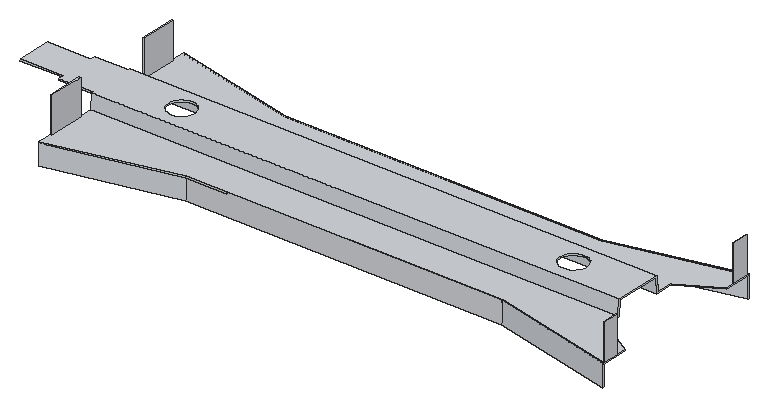
Revit family "BuckleBridge (R)", category Structural Connections, Revit 2026
Family settings
  Material for Model Behavior = Other
  Work Plane-Based = No
  Enable Cutting in Views = No
  Always vertical = No
  Cut with Voids When Loaded = No
  Shared = No
Parameters
  Version = "2.0"
  URL = "http://www.steelnetwork.com/product.aspx/BuckleBridge"
  Manufacturer = "The Steel Network, Inc."
Reference planes (in)
  plane 1 "Center (Front/Back)": y = 0
  plane 2: z = 0
  plane 3 "Center (Left/Right)": x = 0
  plane 4: z = -1.02095
Forms (in)
  Extrusion 1, solid
    sketch origin (0, 0, 0) x (0, 1, 0) y (0, 0, 1)
      loop
        line (2.57323, -0.40844) -> (0.70023, -0.40844) -> (0.6645, 0) -> (-0.6645, 0) -> (-0.70023, -0.40844) -> (-2.57323, -0.40844) -> (-2.6277, -1.03096) -> (-2.5931, -1.03096) -> (-2.54166, -0.44304) -> (-0.66866, -0.44304) -> (-0.63296, -0.035) -> (0.63296, -0.035) -> (0.66866, -0.44304) -> (2.54166, -0.44304) -> (2.5931, -1.03096) -> (2.6277, -1.03096) -> (2.57323, -0.40844)
    from -9 to 9
  Extrusion 2, void
    sketch origin (0, 0, 0) x (0, 1, 0) y (0, 0, -1)
      loop
        line (0.6299, 0) -> (2.5375, 0) -> (2.6277, 1.03096) -> (0.7201, 1.03096) -> (0.6299, 0)
      loop
        line (-0.6299, 0) -> (-0.7201, 1.03096) -> (-2.6277, 1.03096) -> (-2.5375, 0) -> (-0.6299, 0)
    from 6.8356 to 9
  Extrusion 3, void
    sketch origin (0, 0, 0) x (1, 0, 0) y (0, 1, 0)
      loop
        line (-9, 0.4783) -> (-7.805, 0.4783) -> (-7.805, 0.70023) -> (-9, 0.70023) -> (-9, 0.4783)
    from -0.51033 to 0
  Extrusion 4, void
    sketch origin (0, 0, 0) x (1, 0, 0) y (0, 1, 0)
      loop
        line (-9, -0.4783) -> (-9, -0.70023) -> (-7.805, -0.70023) -> (-7.805, -0.4783) -> (-9, -0.4783)
    from -0.51033 to 0
  Extrusion 5, void
    sketch origin (0, 0, 0) x (1, 0, 0) y (0, 1, 0)
      loop
        line (-6.8356, 2.54166) -> (-3.35739, 1.73865) -> (5.52179, 1.73865) -> (9, 2.54166) -> (9, 2.6277) -> (-6.8356, 2.6277) -> (-6.8356, 2.54166)
      loop
        line (-6.8356, -2.54166) -> (-6.8356, -2.6277) -> (9, -2.6277) -> (9, -2.54166) -> (5.52179, -1.73865) -> (-3.35739, -1.73865) -> (-6.8356, -2.54166)
    from -1.80653 to 0
  Extrusion 6, solid
    sketch origin (0, 0, 0) x (1, 0, 0) y (0, 1, 0)
      loop
        line (-6.8356, -2.54166) -> (-3.35739, -1.73865) -> (5.52179, -1.73865) -> (9, -2.54166) -> (9, -2.50706) -> (5.51824, -1.70323) -> (-3.35384, -1.70323) -> (-6.8356, -2.50706) -> (-6.8356, -2.54166)
    from -1.02095 to -0.40844
  Extrusion 7, solid
    sketch origin (0, 0, 0) x (1, 0, 0) y (0, 1, 0)
      loop
        line (-6.8356, 2.54166) -> (-6.8356, 2.50706) -> (-3.35384, 1.70323) -> (5.51824, 1.70323) -> (9, 2.50706) -> (9, 2.54166) -> (5.52179, 1.73865) -> (-3.35739, 1.73865) -> (-6.8356, 2.54166)
    from -1.02095 to -0.40844
  Extrusion 8, void
    sketch origin (0, 0, 0) x (1, 0, 0) y (0, 1, 0)
      loop
        line (9, 1.77586) -> (7.9414, 1.13979) -> (7.9414, -0.63296) -> (7.9414, -1.13979) -> (9, -1.77586) -> (9, 1.77586)
    from -1.25334 to 0
  Extrusion 9, solid
    sketch origin (0, 0, 0) x (1, 0, 0) y (0, 1, 0)
      loop
        line (-6.801, -1.12095) -> (-6.8356, -1.12095) -> (-6.8356, -2.12095) -> (-6.801, -2.12095) -> (-6.801, -1.12095)
      loop
        line (-6.801, 1.12095) -> (-6.801, 2.12095) -> (-6.8356, 2.12095) -> (-6.8356, 1.12095) -> (-6.801, 1.12095)
    from -0.40844 to 0.59156
  Extrusion 10, solid
    sketch origin (0, 0, 0) x (1, 0, 0) y (0, 1, 0)
      loop
        line (9, 2.48865) -> (8.9654, 2.48865) -> (8.9654, 2.05065) -> (9, 2.05065) -> (9, 2.48865)
      loop
        line (9, -2.48865) -> (9, -2.05065) -> (8.9654, -2.05065) -> (8.9654, -2.48865) -> (9, -2.48865)
    from -0.40844 to 0.59156
  Extrusion 11, void
    sketch origin (0, 0, 0) x (1, 0, 0) y (0, 1, 0)
      loop
        circle (-4.8533, 0) r 0.375
    from -0.035 to 0
  Extrusion 12, void
    sketch origin (0, 0, 0) x (1, 0, 0) y (0, 1, 0)
      loop
        circle (6.1304, 0) r 0.375
    from -0.035 to 0
Cuts and joins
  Extrusion 2, Extrusion 3, Extrusion 4, Extrusion 5, Extrusion 8, Extrusion 11, Extrusion 12 cuts Extrusion 1
